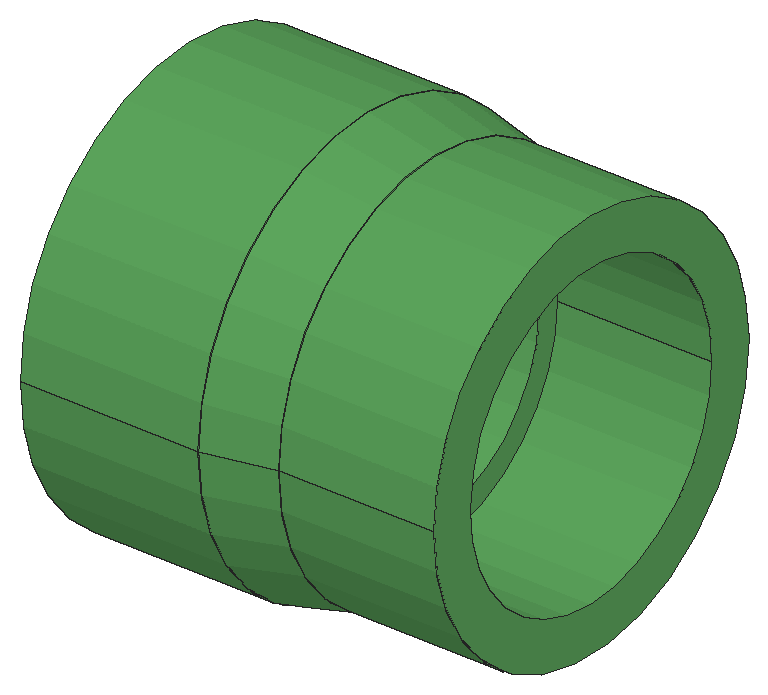
Revit family "Aquatherm_Переходник для муфтовой сварки", category Соединительные детали трубопроводов, Revit 2019
Family settings
  Размер круглого соединителя = Использовать диаметр
  Тип детали = Переход
  На основе рабочей плоскости = Нет
  Всегда вертикально = Да
  При загрузке вырезать с полостями = Нет
  Общий = Нет
Parameters (values of type "SDR 9")
  Материал_Переходник = AquaTherm green pipe
  z [instance] = size_lookup("Переходник для муфтовой сварки", "z", 70 mm, d1, d)  # 9 mm
  l2 [instance] = if(d > d1, l, L - l - z)  # 23.5 mm
  l [instance] = size_lookup("Переходник для муфтовой сварки", "l", 70 mm, d1, d)  # 23.5 mm
  URL = "www.agpipe.ru"
  SDR = 9 mm
  D2 [instance] = size_lookup("Переходник для муфтовой сварки", "D2", d + 8 mm, d1, d)  # 52 mm
  d1 [instance] = 40 mm
  d [instance] = 50 mm
  L [instance] = size_lookup("Переходник для муфтовой сварки", "L", 100 mm, d1, d)  # 53 mm
  D [instance] = size_lookup("Переходник для муфтовой сварки", "D", d + 8 mm, d1, d)  # 56 mm
  ADSK_Примечание = ""
  ADSK_Позиция [instance] = ""
  ADSK_Обозначение = ""
  ADSK_Наименование [instance] = size_lookup("Переходник для муфтовой сварки", "ADSK_Наименование", "Нет в каталоге", d1, d)  # "Переходник для муфтовой сварки DN40/ DN50"
  ADSK_Масса_Текст [instance] = size_lookup("Переходник для муфтовой сварки", "ADSK_Масса_Текст", "Нет в каталоге", d1, d)  # "0.053"
  ADSK_Код изделия [instance] = size_lookup("Переходник для муфтовой сварки", "ADSK_Код изделия", "Нет в каталоге", d1, d)  # "11130"
  ADSK_Завод-изготовитель = "Aquatherm"  # constant formula
  ADSK_Единица измерения = "шт."  # constant formula
Types (6, lengths in mm): name | SDR
  (no name) | 9
  SDR 6 | 6
  SDR 7.4 | 7.4
  SDR 9 | 9
  SDR 11 | 11
  SDR 17.6 | 17.6
Reference planes
  plane 1 "По центру (Вперед/Назад)": y = 0
  plane 2: z = 0
  plane 3 "По центру (Влево/Вправо)": x = 0
  plane 4: x = -26.5
  plane 5: x = 26.5
  plane 6: x = -3
  plane 7: x = 6
Lines and regions (mm)
  reference lines
    curve 1: line (6, 0, 0) -> (-3, 0, 0)
Dimensions and locks
  equal spacing: plane 4, plane 3 "По центру (Влево/Вправо)", plane 5
  "L": plane 4 to plane 5
  "l2": plane 4 to plane 6
  "z": plane 6 to plane 7
  aligned and locked: level to plane 2
  aligned and locked: plane 7 to curve 1
  aligned and locked: plane 6 to curve 1
  aligned and locked: plane 3 "По центру (Влево/Вправо)" to nested 1
Automatic sketch dimensions
  plane 1 "По центру (Вперед/Назад)" to curve 1 = 0 mm
Nested families
  nested 1: "Aquatherm_Переходник для муфтовой сварки" at (0, 0, 0), Материал_Корпус <- "Материал_Переходник", d <- "d", d1 <- "d1", type "Aquatherm_Переходник для муфтовой сварки"
    with Материал_Корпус AquaTherm green pipe, z 9 mm, l2 23.5 mm, l 23.5 mm, d_2 34 mm, d1 40 mm, d 50 mm, L 53 mm, D2 56 mm, D 52 mm
Connectors
  piping at (-3, 0, 0), diameter 50, driven by "d"
    settings: on curve 1, index 1, connector inside diameter 609.6 mm, connector length 0 mm, flow factor 0, pipe flow 0.0 L/s, pressure drop 0.0 Pa, fitting loss kfactor 0, connector angle 0.00°, fixture units 0, engagement length 0 mm, angle of deflection 0.00°, flow configuration 0, flow direction 0, fitting loss method 0, system type 28, joint type 0, gender type 0, connector reference index 2, connector utility 0, adjustable connector no, is connector primary yes, connector description ""
  piping at (6, 0, 0), diameter 40, driven by "d1"
    settings: on curve 1, index 2, connector inside diameter 609.6 mm, connector length 0 mm, flow factor 0, pipe flow 0.0 L/s, pressure drop 0.0 Pa, fitting loss kfactor 0, connector angle 0.00°, fixture units 0, engagement length 0 mm, angle of deflection 0.00°, flow configuration 0, flow direction 0, fitting loss method 0, system type 28, joint type 0, gender type 0, connector reference index 1, connector utility 0, adjustable connector no, is connector primary no, connector description ""
Definition of nested family "Aquatherm_Переходник для муфтовой сварки"
  Parameters (values of type "Aquatherm_Переходник для муфтовой сварки")
    Материал_Корпус [instance] = none
    z [instance] = size_lookup("Переходник для муфтовой сварки", "z", 10 mm, d, d1)  # 35 mm
    l2 [instance] = if(d > d1, l, L - l - z)  # 37 mm
    l [instance] = size_lookup("Переходник для муфтовой сварки", "l", 25 mm, d, d1)  # 40 mm
    d_2 [instance] = if(d > d1, d1 - 6 mm, d - 6 mm)  # 104 mm
    URL = "http://aquatherm.ru/"
    L [instance] = size_lookup("Переходник для муфтовой сварки", "L", 50 mm, d, d1)  # 112 mm
    d1 [instance] = 125 mm
    d [instance] = 110 mm
    D2 [instance] = size_lookup("Переходник для муфтовой сварки", "D2", d + 12 mm, d, d1)  # 147 mm
    D [instance] = size_lookup("Переходник для муфтовой сварки", "D", d + 12 mm, d, d1)  # 131 mm
  Reference planes
    plane 1 "По центру (Вперед/Назад)": y = 0
    plane 2: z = 0
    plane 3 "По центру (Влево/Вправо)": x = 0
    plane 4: z = 55
    plane 5: z = -55
    plane 6: x = -56
    plane 7: x = 56
    plane 8: x = -19
    plane 9: x = 16
    plane 10: y = 65.5
    plane 11: y = -65.5
  Forms (mm)
    Extrusion 1, solid, material <- "Материал_Корпус"
      sketch origin (0, 0, 0) x (0, 1, 0) y (0, 0, 1)
        loop
          circle (0, 0) r 73.5
        loop
          circle (0, 0) r 55
      from -56 to -19
    Extrusion 2, solid, material <- "Материал_Корпус"
      sketch origin (0, 0, 0) x (0, 1, 0) y (0, 0, 1)
        loop
          circle (0, 0) r 65.5
        loop
          circle (0, 0) r 62.5
      from 16 to 56
    Blend 3, solid, material <- "Материал_Корпус"
      base sketch origin (0, 0, 0) x (0, 1, 0) y (0, 0, 1)
        loop
          circle (0, 0) r 73.5
      top sketch origin (0, 0, 0) x (0, 1, 0) y (0, 0, 1)
        loop
          circle (0, 0) r 65.5
      from -19 to 16
    Extrusion 4, void
      sketch origin (0, 0, 0) x (0, 1, 0) y (0, 0, 1)
        loop
          circle (0, 0) r 52
      from -19 to 16
  Cuts and joins
    Extrusion 4 cuts Blend 3
  Lines and regions (mm)
    reference lines
      curve 1: line (-19, 0, 0) -> (16, 0, 0)
  Dimensions and locks
    equal spacing: plane 4, level, plane 5
    "d": plane 4 to plane 5
    equal spacing: plane 6, plane 3 "По центру (Влево/Вправо)", plane 7
    "L": plane 6 to plane 7
    "l2": plane 6 to plane 8
    "z": plane 8 to plane 9
    equal spacing: plane 11, plane 1 "По центру (Вперед/Назад)", plane 10
    "D": plane 11 to plane 10
    "d": diameter of Extrusion 1 sketch curve
    "D2": diameter of Extrusion 1 sketch curve
    "d1": diameter of Extrusion 2 sketch curve
    "D": diameter of Extrusion 2 sketch curve
    "D2": diameter of Blend 3 sketch curve
    "D": diameter of Blend 3 sketch curve
    "d_2": diameter of Extrusion 4 sketch curve
    aligned and locked: level to plane 2
    aligned and locked: plane 8 to curve 1
    aligned and locked: plane 9 to curve 1
    aligned and locked: Extrusion 1 to plane 6
    aligned and locked: plane 8 to Extrusion 1
    aligned and locked: Extrusion 2 to plane 7
    aligned and locked: Extrusion 2 to plane 9
    aligned and locked: plane 8 to Blend 3
    aligned and locked: plane 9 to Blend 3
    aligned and locked: cut or joined group of Blend 3, Extrusion 4 to plane 8
    aligned and locked: plane 9 to cut or joined group of Blend 3, Extrusion 4
  Automatic sketch dimensions
    plane 1 "По центру (Вперед/Назад)" to curve 1 = 0 mm
    Extrusion 1 sketch curve to Extrusion 1 sketch curve = 0 mm  (x2)
    Extrusion 1 sketch curve to level = 0 mm
    Extrusion 1 sketch curve to plane 1 "По центру (Вперед/Назад)" = 0 mm
    Extrusion 2 sketch curve to Extrusion 2 sketch curve = 0 mm  (x2)
    Extrusion 2 sketch curve to level = 0 mm
    Extrusion 2 sketch curve to plane 1 "По центру (Вперед/Назад)" = 0 mm
    Blend 3 sketch curve to level = 0 mm  (x2)
    Blend 3 sketch curve to plane 1 "По центру (Вперед/Назад)" = 0 mm  (x2)
    Extrusion 4 sketch curve to level = 0 mm
    Extrusion 4 sketch curve to plane 1 "По центру (Вперед/Назад)" = 0 mm
  Connectors
    piping at (-19, 0, 0), diameter 110, driven by "d"
      settings: on curve 1, index 1, connector inside diameter 609.6 mm, connector length 0 mm, flow factor 0, pipe flow 0.0 L/s, pressure drop 0.0 Pa, fitting loss kfactor 0, connector angle 0.00°, fixture units 0, engagement length 0 mm, angle of deflection 0.00°, flow configuration 0, flow direction 0, fitting loss method 0, system type 7, joint type 0, gender type 0, connector reference index 2, connector utility 0, adjustable connector no, is connector primary yes, connector description ""
    piping at (16, 0, 0), diameter 125, driven by "d1"
      settings: on curve 1, index 2, connector inside diameter 609.6 mm, connector length 0 mm, flow factor 0, pipe flow 0.0 L/s, pressure drop 0.0 Pa, fitting loss kfactor 0, connector angle 0.00°, fixture units 0, engagement length 0 mm, angle of deflection 0.00°, flow configuration 0, flow direction 0, fitting loss method 0, system type 28, joint type 0, gender type 0, connector reference index 1, connector utility 0, adjustable connector no, is connector primary no, connector description ""
